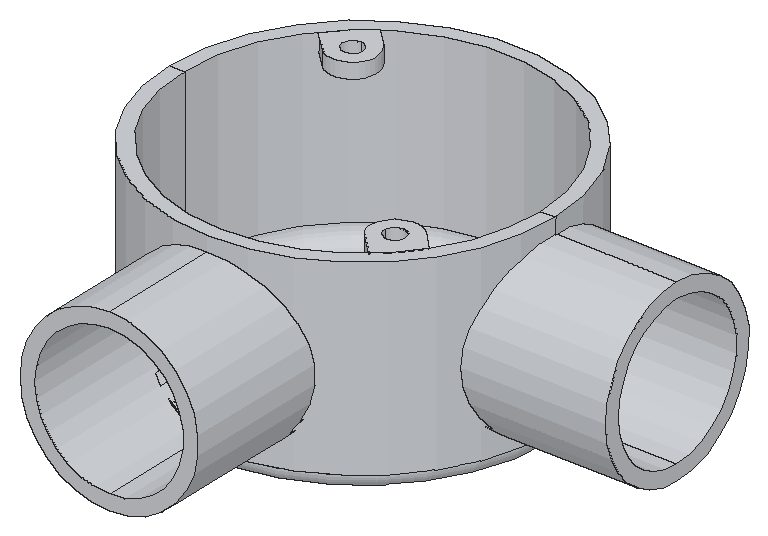
Revit family "MB10B", category Generic Models, Revit 2017
Family settings
  Can host rebar = No
  Round Connector Dimension = Use Diameter
  Part Type = Normal
  Work Plane-Based = Yes
  Always vertical = No
  Cut with Voids When Loaded = No
  Shared = No
  Room Calculation Point = No
Parameters (values of type "NBS Standard Parameters")
  Weight = "0.2695Kg"
  WarrantyStartDate [instance] = "1900-12-31T23:59:59"
  WarrantyGuarantorParts = "n/a"
  WarrantyGuarantorLabor = "n/a"
  WarrantyDurationUnit = "1 year"
  WarrantyDurationParts = "n/a"
  WarrantyDurationLabor = "n/a"
  WarrantyDescription = "n/a"
  Version = "1"
  Uniclass2 = "PR_65_70_11_20"
  TagNumber [instance] = "n/a"
  SustainabilityPerformance = "n/a"
  Size = "25mm"
  Shape = "Circular"
  SerialNumber [instance] = ""
  Revision = "n/a"
  ReplacementCost = ""
  ProductInformation = "www.metpro.co.uk/pdf/MB10G.pdf"
  NominalWidth = 66 mm
  NominalLength = 66 mm
  NominalHeight = 30 mm
  Name = ""
  NBSTypeID = ""
  NBSReference = "90-55-10/460"
  NBSOfficeMasterTag = ""
  NBSNote = ""
  NBSDescription = "Conduit Fittings"
  NBSCertification = ""
  ModelReference = "MB10B"
  ModelNumber = "n/a"
  Material = "Malleable Iron"
  ManufacturerURL = "www.metpro.co.uk"
  ManufacturerName = "Metpro Ltd"
  Keynote = "Compliant to LU Standard 1-085"
  InstallationDate [instance] = "1900-12-31T23:59:59"
  IfcExportType = ""
  IfcExportAs = ""
  Grade = "n/a"
  Finish = "Black"
  Features = "n/a"
  ExpectedLife = "n/a"
  DurationUnit = "year"
  Description = "MB10B 25mm Angle Malleable Conduit Box"
  Default Elevation = 1219.2 mm
  Constituents = "n/a"
  Color = "n/a"
  CodePerformance = "n/a"
  Category = "n/a"
  BarCode [instance] = "n/a"
  BIMObjectName = "Metpro_Metprolibrary_Conduitfittings_Metalcomponent_malleablecircularbox"
  Author = "Metpro Ltd"
  AssetType = ""
  AssetIdentifier [instance] = "n/a"
  AccessibilityPerformance = "n/a"
Reference planes
  plane 1 "Center (Front/Back)": y = 0
  plane 2: z = 0
  plane 3 "Center (Left/Right)": x = 0
Forms (mm)
  Revolve 1, solid
    sketch origin (-49.105, 18.432, -16.618) x (1, 0, 0) y (0, 0, 1)
      loop
        line (-32.5, 44.541) -> (-32.5, 12.5)
        arc (-32.5, 12.5) -> (-31.768, 10.732) -> (-30, 10) r 2.5
        line (-30, 10) -> (0, 10) -> (0, 12.541) -> (-27, 12.541)
        arc (-27, 12.541) -> (-29.121, 13.42) -> (-30, 15.541) r 3
        line (-30, 15.541) -> (-30, 44.541) -> (-32.5, 44.541)
      axis (0, 10) -> (0, 44.541)
    angle from 0 to 360
  Extrusion 2, solid
    sketch origin (-49.105, 18.432, 27.923) x (0, 1, 0) y (-1, 0, 0)
      loop
        arc (-13.805, -21.577) -> (-13.887, -16.02) -> (-19.441, -15.821) r 4.033
        line (-19.441, -15.821) -> (-22.946, -19.326)
        arc (-22.946, -19.326) -> (-20.14, -22.235) -> (-16.968, -24.74) r 30
        line (-16.968, -24.74) -> (-13.805, -21.577)
      loop
        circle (-16.769, -18.842) r 1.752
      loop
        line (21.577, 13.805) -> (24.74, 16.968)
        arc (24.74, 16.968) -> (22.235, 20.14) -> (19.326, 22.946) r 30
        line (19.326, 22.946) -> (15.821, 19.441)
        arc (15.821, 19.441) -> (16.02, 13.887) -> (21.577, 13.805) r 4.033
      loop
        circle (18.842, 16.769) r 1.752
    from -2.5 to 0
  Extrusion 3, void
    sketch origin (-49.105, 18.432, -16.618) x (0, 0, 1) y (0, -1, 0)
      loop
        circle (27.129, 0.168) r 12.5
    from -4.356 to 66.813
  Extrusion 4, solid
    sketch origin (-47.605, 18.432, -15.368) x (0, 0, 1) y (0, -1, 0)
      loop
        circle (25.879, 0.168) r 15
      loop
        circle (25.879, 0.168) r 12.5
    from 24.792 to 51.5
  Extrusion 5, void
    sketch origin (-49.105, 18.432, 27.923) x (-1, 0, 0) y (0, 1, 0)
      loop
        arc (-24.74, -16.968) -> (-23.988, 0) -> (-24.74, 16.968) r 191.761
        arc (-24.74, 16.968) -> (-30, 0) -> (-24.74, -16.968) r 30
    from 0 to 35.346
  Extrusion 6, solid
    sketch origin (-49.105, 16.932, -15.368) x (0, 0, 1) y (-1, 0, 0)
      loop
        circle (25.879, 0.168) r 15
      loop
        circle (25.879, 0.168) r 12.5
    from 24.792 to 51.5
  Extrusion 7, void
    sketch origin (-49.105, -34.568, -15.368) x (0, 0, -1) y (-1, 0, 0)
      loop
        circle (-25.879, 0.168) r 12.5
    from 0 to 67.194
  Extrusion 8, void
    sketch origin (-49.105, 18.432, 27.923) x (-1, 0, 0) y (0, 1, 0)
      loop
        arc (-15.258, -25.83) -> (0, -30) -> (15.258, -25.83) r 30
        arc (15.258, -25.83) -> (0, -23.865) -> (-15.258, -25.83) r 60.222
    from 0 to 34.649
Cuts and joins
  Extrusion 3, Extrusion 7 cuts Revolve 1
  Extrusion 5 cuts Extrusion 4
  Extrusion 7, Extrusion 8 cuts Extrusion 6
Dimensions and locks
  aligned and locked: level to plane 2
